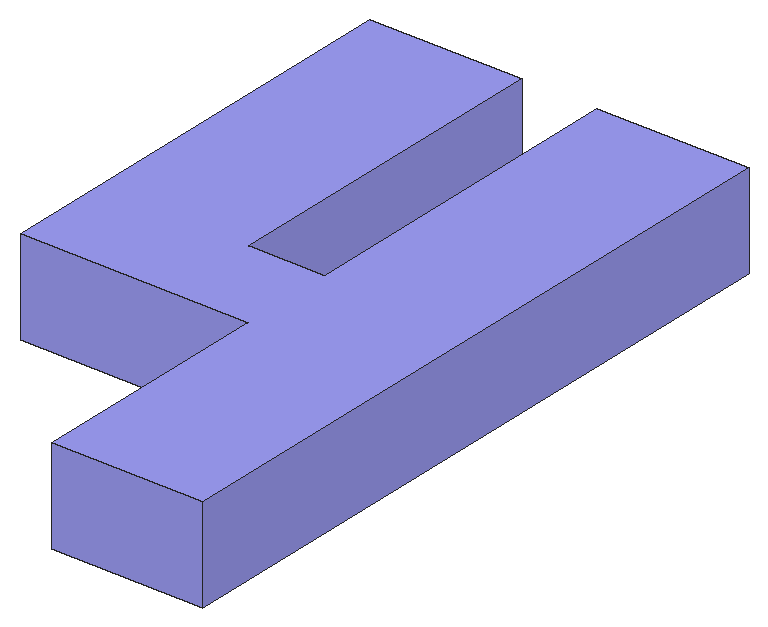
Revit family "Семейство4", category Обобщенные модели, Revit 2022
Family settings
  Может служить основой для арматурных стержней = Нет
  Размер круглого соединителя = Использовать диаметр
  Тип детали = Нормальный
  На основе рабочей плоскости = Нет
  Всегда вертикально = Да
  При загрузке вырезать с полостями = Нет
  Сохранять ориентацию аннотаций = Нет
  Общий = Нет
  Точка принадлежности помещению = Нет
Parameters
  Отметка по умолчанию = 0 mm
Reference planes
  plane 1 "По центру (Вперед/Назад)": y = 0
  plane 2: z = 0
  plane 3 "По центру (Влево/Вправо)": x = 0
Forms (mm)
  Extrusion 1, solid, material "Новый материал 4"
    sketch origin (270, -55.402, 0) x (1, 0, 0) y (0, 1, 0)
      loop
        line (-169.725, -845.893) -> (230, -845.893) -> (230, 955.402) -> (-169.725, 955.402) -> (-169.725, -845.893)
    from 0 to 250
  Extrusion 2, solid, material "Новый материал 4"
    sketch origin (-464.8, -1020.6, 0) x (1, 0, 0) y (0, 1, 0)
      loop
        line (-35.2, 764.6) -> (964.8, 764.6) -> (964.8, 1019.6) -> (-35.2, 1019.6) -> (-35.2, 764.6)
    from 0 to 250
  Extrusion 3, solid, material "Новый материал 4"
    sketch origin (-329.8, -820.202, 0) x (1, 0, 0) y (0, 1, 0)
      loop
        line (-170.2, 1720.202) -> (-170.2, 819.202) -> (230, 819.202) -> (230, 1720.202) -> (-170.2, 1720.202)
    from 0 to 250
Cuts and joins
  joined: Extrusion 1, Extrusion 2, Extrusion 3
Dimensions and locks
  plane 3 "По центру (Влево/Вправо)" to Extrusion 1 to Extrusion 1 = 100.275 mm, 399.725 mm
  Extrusion 1 to plane 1 "По центру (Вперед/Назад)" to Extrusion 1 = 900 mm, 901.295 mm
  aligned and locked: level to plane 2
